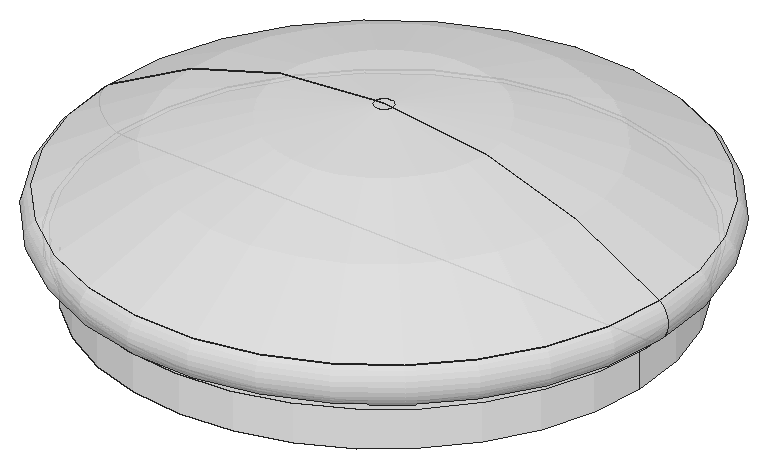
Revit family "0043116 Sylvania Lighting Fixture START ECO SURFACE IP44 1500LM 830", category Lighting Fixtures, host Face, Revit 2016
Family settings
  Host = Face
  Part Type = Normal
  Round Connector Dimension = Use Diameter
  OmniClass Number = 23.80.70.11.17
  OmniClass Title = Specialized Lighting by Location or Use
  Cut with Voids When Loaded = No
  Light Source = Yes
  Shared = No
  Room Calculation Point = No
Parameters (values of type "0043116 START ECO SURFACE IP44 1500LM 830")
  Weight = "kg"
  WarrantyStartDate [instance] = "n/a"
  WarrantyGuarantorParts = "n/a"
  WarrantyDurationUnit = "n/a"
  WarrantyDurationParts = "n/a"
  WarrantyDescription = "n/a"
  Voltage = 230 V
  TypeName = "START ECO SURFACE IP44 1500LM 830"
  SerialNumber [instance] = "n/a"
  Radius_FEILO = 165.0 mm
  Wattage = 17 W
  built-in parameter 1150110 = 1 (stored number, unit not read)
  URL = "http://www.sylvania-lighting.com"
  built-in parameter 1114217 = 1 (stored number, unit not read)
  Tilt Angle = -90°
  built-in parameter 1150109 = 1 (stored number, unit not read)
  built-in parameter 1150134 = (empty or 0)
  built-in parameter 1150113 = 1 (stored number, unit not read)
  PowerFactor = 0.8
  PowerConsumption = "17 W"
  Photometric Web File = "0043116.ies"
  NominalWidth = 0.0 mm
  NominalLength = 330.0 mm
  NominalHeight = 96.0 mm
  Name = "START ECO SURFACE IP44 1500LM 830"
  ModelReference = "START ECO SURFACE IP44 1500LM 830"
  ModelNumber = "0043116"
  Material_4_FEILO = none
  Material_3_FEILO = Polycarbonate_Sylvania_Sylcircle_Opal
  Material_2_FEILO = Metal_Sylvania_Sylcircle_White
  Material_1_FEILO = none
  Material = "aluminium housing, polycarbonate diffuser"
  ManufacturerName = "Feilo Sylvania"
  LuminousEfficacy = "88 lm/W"
  LuminaireType = ""
  LightOutputRatio = "n/a"
  LampsType = Lamp  # "LED"
  LampNominalLuminous = "1500 lm"
  LampMacAdamStep = "6"
  LampColourTemperature = "3000 K"
  LampColourRenderingIndex = "80"
  Keynote = "16500"
  InstallationDate [instance] = "n/a"
  InputVoltage = "220-240V~"
  InputNominalFrequency = "50 Hz"
  IngressProtection = "IP44"
  ImpactProtectionIndex = "IK03"
  IfcExportType = "IfcLightFixtureType"
  IfcExportAs = "IfcLightFixtureType"
  Height_FEILO = 96.0 mm
  ExpectedLife = 50000
  ElectricShockClassification = "Class I"
  DurationUnit = "hours"
  DocumentationLiterature = "http://www.sylvania-lighting.com/product/en-int/products/0043116"
  DimmingControlOptions = "Non dimmable"
  Diameter_FEILO = 2 * Radius_FEILO  # 330.0 mm
  CreatedOn = "8/8/2018"
  CreatedBy = "@sylvania-lighting.com"
  built-in parameter 1114216 [instance] = 1 (stored number, unit not read)
  Model = "START ECO SURFACE IP44 1500LM 830"
  Manufacturer = "Feilo Sylvania"
  built-in parameter 1150105 = 351.19 (stored number, unit not read)
  Lumens = 1496 lm
  built-in parameter 1150115 = 1 (stored number, unit not read)
  built-in parameter 1150137 = (empty or 0)
  built-in parameter 1150139 = (empty or 0)
  built-in parameter 1150112 = 1 (stored number, unit not read)
  built-in parameter 1150114 = 1 (stored number, unit not read)
  Lamp = "LED"
  built-in parameter 1150132 = 2
  built-in parameter 1150102 = (empty or 0)
  built-in parameter 1150107 = 3000 (stored number, unit not read)
  built-in parameter 1150138 = (empty or 0)
  built-in parameter 1150106 = 3.5119 (stored number, unit not read)
  built-in parameter 1150104 = 8.1755 (stored number, unit not read)
  Dimming Lamp Color Temperature Shift = <None>
  Description = "Ceiling / wall luminaire with integrated LED  Perfect solution for hallways, circulation spaces or foyer.   Even and uniform light distribution with a halo lighting effect on the wall surface    17W 1500 lumens Supplied with LED driver (non-dimmable)    IK03 PMMA diffuser   Low maintenance with 30,000 hours LED life expectancy"
  Default Elevation = 0.0 mm
  Color Filter = 16777215
  built-in parameter 1140040 [instance] = 1
  BarCode [instance] = "n/a"
  built-in parameter 1114218 = 1 (stored number, unit not read)
  built-in parameter 1150133 = 10 (stored number, unit not read)
  AssetType = "Fixed"
  AssetIdentifier [instance] = "n/a"
  Assembly Code = "D5020200"
  Apparent Load = 17 VA
Reference planes
  plane 1 "Center (Front/Back)": y = 0
  plane 2: z = 0
  plane 3 "Center (Left/Right)": x = 0
  plane 4: x = 165
  plane 5: z = 23
  plane 6 "Housing Bottom": z = 27
  plane 7: z = 50
  plane 8 "Fixture Bottom": z = 96
  plane 9: x = 160
  plane 10: x = 155
  plane 11: x = 152
  plane 12: x = 148
Forms (mm)
  Revolve 1, solid, material "Polycarbonate_Sylvania_Sylcircle_Opal" <- "Material_3_FEILO", detail levels fine
    sketch origin (0, 0, 0) x (1, 0, 0) y (0, 0, 1)
      loop
        line (0, 96) -> (0, 27) -> (154.962, 27)
        arc (154.962, 27) -> (164.736, 36.911) -> (160, 50) r 13.044
        arc (160, 50) -> (85.841, 84.257) -> (5, 96) r 284.141
        line (5, 96) -> (0, 96)
      axis (0, 96) -> (0, 27)
    angle from 0 to 360
  Revolve 2, solid, material "Metal_Sylvania_Sylcircle_White" <- "Material_2_FEILO", detail levels fine
    sketch origin (0, 0, 0) x (1, 0, 0) y (0, 0, 1)
      loop
        line (152, 27) -> (0, 27) -> (0, 0) -> (148, 0) -> (148, 23) -> (152, 23) -> (152, 27)
      axis (0, 27) -> (0, 0)
    angle from 0 to 360
  Revolve 3, solid, material "Metal_Sylvania_Sylcircle_White" <- "Material_2_FEILO", detail levels coarse+medium
    sketch origin (0, 0, 0) x (1, 0, 0) y (0, 0, 1)
      loop
        line (0, 96) -> (0, 0) -> (148, 0) -> (148, 23) -> (152, 23) -> (152, 27) -> (154.962, 27)
        arc (154.962, 27) -> (164.736, 36.911) -> (160, 50) r 13.044
        arc (160, 50) -> (85.841, 84.257) -> (5, 96) r 284.141
        line (5, 96) -> (0, 96)
      axis (0, 96) -> (0, 0)
    angle from 0 to 360
Dimensions and locks
  "Height_FEILO": plane 8 "Fixture Bottom" to plane 2
  "Radius_FEILO": plane 4 to plane 3 "Center (Left/Right)"
  plane 6 "Housing Bottom" to plane 5 to plane 2 = 4.0 mm locked, 23.0 mm locked
  plane 4 to plane 9 to plane 10 to plane 11 to plane 12 = 5.0 mm locked, 5.0 mm locked, 3.0 mm locked, 4.0 mm locked
  aligned and locked: plane 2 to host face
  aligned and locked: level to host face
  aligned and locked: plane 1 "Center (Front/Back)" to imposter light
  aligned and locked: plane 3 "Center (Left/Right)" to imposter light
  aligned and locked: Revolve 1 sketch curve to plane 3 "Center (Left/Right)"
  aligned and locked: plane 6 "Housing Bottom" to Revolve 1 sketch curve  (x2)
  aligned and locked: Revolve 1 sketch curve to plane 8 "Fixture Bottom"
  aligned and locked: plane 9 to Revolve 1 sketch curve
  aligned and locked: Revolve 2 sketch curve to plane 6 "Housing Bottom"
  aligned and locked: Revolve 2 sketch curve to plane 11
  aligned and locked: Revolve 2 sketch curve to plane 5
  aligned and locked: Revolve 2 sketch curve to plane 12
  aligned and locked: Revolve 2 sketch curve to plane 2
  aligned and locked: Revolve 2 sketch curve to plane 3 "Center (Left/Right)"  (x2)
  aligned and locked: plane 8 "Fixture Bottom" to imposter light
  aligned and locked: plane 9 to Revolve 3 sketch curve
  aligned and locked: plane 6 "Housing Bottom" to Revolve 3 sketch curve
  aligned and locked: plane 7 to Revolve 3 sketch curve
  aligned and locked: Revolve 3 sketch curve to imposter light
  aligned and locked: Revolve 3 sketch curve to plane 11
  aligned and locked: Revolve 3 sketch curve to plane 2
  aligned and locked: Revolve 3 sketch curve to plane 5
  aligned and locked: Revolve 3 sketch curve to plane 12
Automatic sketch dimensions
  host sketch curve to host sketch curve = 1305.563 mm
  host sketch curve to host sketch curve = 1283.632 mm
  Revolve 1 sketch curve to plane 3 "Center (Left/Right)" = 0.0 mm
  Revolve 1 sketch curve to plane 7 = 0.0 mm
  Revolve 1 sketch curve to plane 10 = 0.038 mm
  plane 3 "Center (Left/Right)" to Revolve 1 sketch curve = 5.0 mm
  Revolve 1 sketch curve to plane 10 = 3.007 mm
  Revolve 1 sketch curve to Revolve 1 sketch curve = 234.06 mm
  Revolve 1 sketch curve to Revolve 1 sketch curve = 2559.943 mm
  Revolve 2 sketch curve to level = 372.274 mm
  plane 8 "Fixture Bottom" to Revolve 2 sketch curve = 2559.943 mm
  Revolve 3 sketch curve to plane 3 "Center (Left/Right)" = 0.0 mm  (x2)
  plane 3 "Center (Left/Right)" to Revolve 3 sketch curve = 5.0 mm
  Revolve 3 sketch curve to plane 10 = 0.038 mm
  Revolve 3 sketch curve to plane 11 = 0.007 mm
  Revolve 3 sketch curve to Revolve 3 sketch curve = 234.06 mm
  Revolve 3 sketch curve to Revolve 3 sketch curve = 2559.943 mm
Connectors
  electrical at (0, 0, 0), driven by "Apparent Load", driven by "Voltage", driven by "PowerFactor"
    settings: on Revolve 2, index 1, voltage 230 V, apparent load 0 VA, apparent load phase1 17 VA, apparent load phase2 0 VA, apparent load phase3 0 VA, power factor 0.8, load classification "Lighting", number of poles 1, system type 31, power factor state 1, is connector primary yes, connector utility no, sub classification motor no, connector description ""
